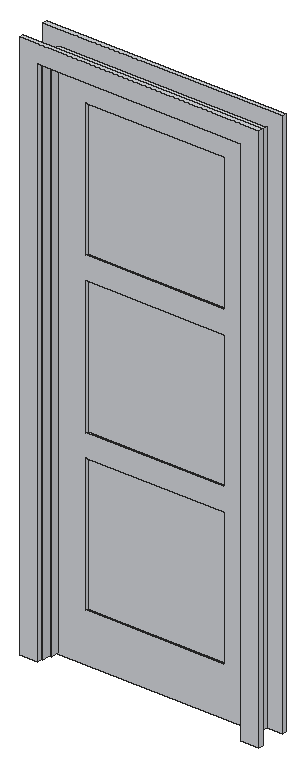
Revit family "FP_103_update-211019", category Doors, host Wall, Revit 2020
Family settings
  Host = Wall
  OmniClass Number = 23.30.10.00
  OmniClass Title = Doors
  Always vertical = Yes
  Cut with Voids When Loaded = No
  Shared = No
  Room Calculation Point = No
Parameters (values of type "3'-0" x 8'-0"")
  URL = "www.treelydoors.com"
  Thickness = Door Thickness  # 0' - 1 3/4"
  Stop Width = 0' - 1 3/8"  # constant formula
  Stile Material = none
  Rough Width = Width + (Jamb Thickness * 2)  # 3' - 1 1/2"
  Rough Height = Height + Jamb Thickness  # 8' - 0 3/4"
  Panel Material = none
  Manufacturer = "Treely Doors"
  Jamb Width (4 9/16", 4 13/16", 6 9/16", 6 13/16") = 0' - 4 9/16"  # constant formula
  Jamb Thickness = 0' - 0 3/4"  # constant formula
  Jamb Material = none
  Door Thickness = 0' - 1 3/4"  # constant formula
  Panel Thickness = 0' - 0 3/4"  # constant formula
  Function = Interior
  Height = 8' - 0"
  Wall Closure = By host
  Width = 3' - 0"
  Define Thermal Properties by = Schematic Type
  Center = Door Thickness / 2  # 0' - 0 7/8"
  Casing Thickness = 0' - 0 3/4"  # constant formula
  Casing Material = none
  Analytic Construction = "<None>"
Types (15): name | Stile Material | Rough Width | Rough Height | Panel Material | Jamb Material | Height | Width | Casing Material
  2'-0" x 8'-0" | none | 2' - 1 1/2" | 8' - 0 3/4" | none | none | 8' - 0" | 2' - 0" | none
  2'-4" x 8'-0" | none | 2' - 5 1/2" | 8' - 0 3/4" | none | none | 8' - 0" | 2' - 4" | none
  2'-6" x 8'-0" | none | 2' - 7 1/2" | 8' - 0 3/4" | none | none | 8' - 0" | 2' - 6" | none
  2'-8" x 8'-0" | none | 2' - 9 1/2" | 8' - 0 3/4" | none | none | 8' - 0" | 2' - 8" | none
  3'-0" x 6'-8" | none | 3' - 1 1/2" | 6' - 8 3/4" | none | none | 6' - 8" | 3' - 0" | none
  3'-0" x 7'-0" | none | 3' - 1 1/2" | 7' - 0 3/4" | none | none | 7' - 0" | 3' - 0" | none
  3'-0" x 8'-0" | none | 3' - 1 1/2" | 8' - 0 3/4" | none | none | 8' - 0" | 3' - 0" | none
  2'-8" x 7'-0" | none | 2' - 9 1/2" | 7' - 0 3/4" | none | none | 7' - 0" | 2' - 8" | none
  2'-8" x 6'-8" | none | 2' - 9 1/2" | 6' - 8 3/4" | none | none | 6' - 8" | 2' - 8" | none
  2'-6" x 7'-0" | none | 2' - 7 1/2" | 7' - 0 3/4" | none | none | 7' - 0" | 2' - 6" | none
  2'-6" x 6'-8" | none | 2' - 7 1/2" | 6' - 8 3/4" | none | none | 6' - 8" | 2' - 6" | none
  2'-4" x 7'-0" | none | 2' - 5 1/2" | 7' - 0 3/4" | none | none | 7' - 0" | 2' - 4" | none
  2'-4" x 6'-8" | TreelyDoors_Wood_Maple | 2' - 5 1/2" | 6' - 8 3/4" | Glass | TreelyDoors_Wood_Maple | 6' - 8" | 2' - 4" | TreelyDoors_Wood_Maple
  2'-0" x 7'-0" | none | 2' - 1 1/2" | 7' - 0 3/4" | none | none | 7' - 0" | 2' - 0" | none
  2'-0" x 6'-8" | none | 2' - 1 1/2" | 6' - 8 3/4" | none | none | 6' - 8" | 2' - 0" | none
Reference planes (in)
  plane 1 "Center (Front/Back)": y = 0
  plane 2 "Center (Left/Right)": x = 0
  plane 3 "Left": x = -18.75
  plane 4 "Right": x = 18.75
  plane 5 "Top": z = 96.75
  plane 6 "Exterior": y = 2.25
  plane 7 "Interior": y = -2.25
  plane 8: x = -12.5
  plane 9: x = 12.5
  plane 10: z = 8.75
  plane 11: z = 90.5
  plane 12: y = 1.78125
  plane 13: y = 1.03125
  plane 14: x = -18
  plane 15: x = 18
  plane 16: z = 96
  plane 17: y = 38.28125
  plane 18: x = -16.25
  plane 19: x = -17.125
  plane 20: y = 2.28125
  plane 21: y = -2.28125
  plane 22: y = 1.40625
  plane 23: y = 0.53125
  plane 24: y = 0.6875
  plane 25: y = -0.6875
  plane 26: z = 35.33333
  plane 27: z = 61.91667
  plane 28: z = 63.91667
  plane 29: z = 65.91667
  plane 30: z = 6.75
  plane 31: z = 92.5
  plane 32: z = 37.33333
  plane 33: z = 33.33333
  plane 34: y = -3
  plane 35: y = 3
  plane 36: x = -18.25
  plane 37: x = 18.25
  plane 38: z = 96.25
Forms (in)
  Extrusion 1, solid, material <- "Panel Material"
    sketch origin (0, 0, 0) x (1, 0, 0) y (0, 0, 1)
      loop
        line (12.5, 65.91667) -> (12.5, 90.5) -> (-12.5, 90.5) -> (-12.5, 65.91667) -> (12.5, 65.91667)
    from -1.78125 to -1.03125
  Extrusion 2, solid, material <- "Panel Material"
    sketch origin (0, 0, 0) x (1, 0, 0) y (0, 0, 1)
      loop
        line (12.5, 33.58333) -> (-12.5, 33.58333) -> (-12.5, 8.75) -> (12.5, 8.75) -> (12.5, 33.58333)
    from -1.78125 to -1.03125
  Extrusion 3, solid, material <- "Stile Material"
    sketch origin (0, 0, 0) x (1, 0, 0) y (0, 0, 1)
      loop
        line (18, 96) -> (-18, 96) -> (-18, 0) -> (18, 0) -> (18, 96)
      loop
        line (12.5, 37.33333) -> (12.5, 61.91667) -> (-12.5, 61.91667) -> (-12.5, 37.33333) -> (12.5, 37.33333)
      loop
        line (12.5, 33.33333) -> (-12.5, 33.33333) -> (-12.5, 8.75) -> (12.5, 8.75) -> (12.5, 33.33333)
      loop
        line (-12.5, 90.5) -> (-12.5, 65.91667) -> (12.5, 65.91667) -> (12.5, 90.5) -> (-12.5, 90.5)
    from -2.28125 to -0.53125
  Extrusion 4, solid, material <- "Jamb Material"
    sketch origin (0, 0, 0) x (1, 0, 0) y (0, 0, 1)
      loop
        line (18.75, 0) -> (18.75, 96.75) -> (-18.75, 96.75) -> (-18.75, 0) -> (-18, 0) -> (-18, 96) -> (18, 96) -> (18, 0) -> (18.75, 0)
    from -2.28125 to 2.28125
  Extrusion 5, solid, material <- "Jamb Material"
    sketch origin (0, 0, 0) x (1, 0, 0) y (0, 0, 1)
      loop
        line (-18, 0) -> (-17.5625, 0) -> (-17.5625, 95.5625) -> (17.5625, 95.5625) -> (17.5625, 0) -> (18, 0) -> (18, 96) -> (-18, 96) -> (-18, 0)
    from -0.6875 to 0.6875
  Extrusion 6, solid, material <- "Panel Material"
    sketch origin (0, 0, 0) x (1, 0, 0) y (0, 0, 1)
      loop
        line (-12.5, 61.91667) -> (-12.5, 37.33333) -> (12.5, 37.33333) -> (12.5, 61.91667) -> (-12.5, 61.91667)
    from -1.78125 to -1.03125
  Extrusion 7, solid, material <- "Casing Material"
    sketch origin (0, 0, 0) x (1, 0, 0) y (0, 0, 1)
      loop
        line (-18.25, 0) -> (-18.25, 96.25) -> (18.25, 96.25) -> (18.25, 0) -> (21.5, 0) -> (21.5, 99.5) -> (-21.5, 99.5) -> (-21.5, 0) -> (-18.25, 0)
    from 2.25 to 3
  Extrusion 8, solid, material <- "Casing Material"
    sketch origin (0, 0, 0) x (1, 0, 0) y (0, 0, -1)
      loop
        line (-18.25, 0) -> (-21.5, 0) -> (-21.5, -99.5) -> (21.5, -99.5) -> (21.5, 0) -> (18.25, 0) -> (18.25, -96.25) -> (-18.25, -96.25) -> (-18.25, 0)
    from 2.25 to 3
Lines and regions (in)
  Opening 1
    outline origin (-60, -2.25, 0) x (1, 0, 0) y (0, 0, 1)
      loop
        line (78.75, 0) -> (78.75, 96.75) -> (41.25, 96.75) -> (41.25, 0) -> (78.75, 0)
  symbolic lines, style "Elevation Swing"
    curve 1: line (18, 2.25, 0) -> (-18.75, 2.25, 48)
    curve 2: line (-18.75, 2.25, 48) -> (18, 2.25, 96)
  symbolic lines
    curve 3: line (-18, 2.28125, 0) -> (-18, 38.28125, 0)
    curve 5: line (-16.25, 38.28125, 0) -> (-18, 38.28125, 0)
    curve 7: line (-16.25, 2.28125, 0) -> (-18, 2.28125, 0)
  symbolic lines, style "Plan Swing"
    curve 4: line (-16.25, 2.28125, 0) -> (-16.25, 38.28125, 0)
    curve 6: arc (-17.125, 38.28125, 0) -> (8.37998, 26.83144, 0) -> (18, 0.58154, 0) r 36
Text (in)
  text "Exterior" at (-74.96733, -24.22648, 0), in view "Ref. Level"
  text "Interior" at (-74.96733, 29.51736, 0), in view "Ref. Level"
  text "Exterior" at (0, 40.15149, 123.01588), in view "Right"
  text "Interior" at (0, -64.39139, 123.01588), in view "Right"
  text "Interior" at (0, -31.01599, 123.00693), in view "Left"
  text "Exterior" at (0, 54.57065, 123.00693), in view "Left"
Dimensions and locks (in)
  equal spacing: plane 14, plane 2 "Center (Left/Right)", plane 15
  plane 3 "Left" to plane 4 "Right" = 3' - 1 1/2"  (x2)
  equal spacing: host wall, curve 2, curve 2
  plane 11 to plane 16 = 0' - 5 1/2"
  "Panel Thickness": plane 13 to plane 12
  "Jamb Thickness": plane 3 "Left" to plane 14
  "Jamb Thickness": plane 15 to plane 4 "Right"
  locked: plane 9 to plane 15 at 5.5
  locked: plane 14 to plane 8 at 5.5
  "Width": plane 14 to plane 15
  "Jamb Thickness": plane 16 to plane 5 "Top"
  "Height": level to plane 16
  "Door Thickness": plane 14 to plane 18
  equal spacing: plane 14, plane 19, plane 18
  equal spacing: plane 20, plane 1 "Center (Front/Back)", plane 21
  "Jamb Width (4 9/16", 4 13/16", 6 9/16", 6 13/16")": plane 20 to plane 21
  equal spacing: plane 13, plane 22, plane 12
  "Center": plane 22 to plane 20
  "Door Thickness": plane 20 to plane 23
  "Width": plane 17 to plane 20
  locked: Extrusion 5 sketch curve to Extrusion 4 at 0.4375  (x2)
  locked: plane 16 to Extrusion 5 sketch curve at 0.4375
  equal spacing: plane 24, plane 1 "Center (Front/Back)", plane 25
  "Stop Width": plane 24 to plane 25
  equal spacing: plane 31, plane 28, plane 26, plane 30
  locked: plane 10 to plane 30 at 2
  locked: plane 31 to plane 11 at 2
  plane 32 to plane 26 to plane 33 = 0' - 2" locked, 0' - 2" locked
  plane 29 to plane 28 to plane 27 = 0' - 2" locked, 0' - 2" locked
  "Casing Thickness": plane 7 "Interior" to plane 34
  "Casing Thickness": plane 35 to plane 6 "Exterior"
  locked: Extrusion 7 sketch curve to plane 37 at 3.25
  locked: Extrusion 7 sketch curve to plane 36 at 3.25
  locked: Extrusion 7 sketch curve to plane 38 at 3.25
  plane 16 to plane 11 = 0' - 5 1/2"
  locked: plane 14 to plane 36 at 0.25
  locked: plane 15 to plane 37 at 0.25
  locked: plane 38 to plane 16 at 0.25
  "Width": radius of curve 6
  aligned and locked: plane 3 "Left" to curve 1
  aligned and locked: plane 6 "Exterior" to host wall
  aligned and locked: plane 7 "Interior" to host wall
  aligned and locked: plane 9 to Extrusion 1
  aligned and locked: Extrusion 1 to plane 8
  aligned and locked: plane 11 to Extrusion 1
  aligned and locked: plane 9 to Extrusion 2
  aligned and locked: Extrusion 2 to plane 10
  aligned and locked: Extrusion 2 to plane 8
  aligned and locked: plane 13 to Extrusion 1
  aligned and locked: plane 13 to Extrusion 2
  aligned and locked: plane 12 to Extrusion 1
  aligned and locked: plane 12 to Extrusion 2
  aligned and locked: Extrusion 3 to plane 9  (x2)
  aligned and locked: plane 8 to Extrusion 3  (x2)
  aligned and locked: plane 10 to Extrusion 3
  aligned and locked: Extrusion 3 to level
  aligned and locked: Extrusion 3 to plane 14
  aligned and locked: Extrusion 3 to plane 15
  aligned and locked: plane 16 to Extrusion 3
  aligned and locked: plane 17 to curve 3
  aligned and locked: plane 14 to curve 3
  aligned and locked: curve 4 to plane 18
  aligned and locked: curve 5 to plane 17
  aligned and locked: plane 19 to curve 6
  aligned and locked: plane 20 to Extrusion 4
  aligned and locked: Extrusion 4 to plane 21
  aligned and locked: plane 20 to Extrusion 3
  aligned and locked: Extrusion 3 to plane 23
  aligned and locked: plane 20 to curve 7
  aligned and locked: level to Opening 1 sketch curve
  aligned and locked: plane 4 "Right" to Opening 1 sketch curve
  aligned and locked: plane 5 "Top" to Opening 1 sketch curve
  aligned and locked: Opening 1 sketch curve to plane 3 "Left"
  aligned and locked: Extrusion 5 sketch curve to plane 14
  aligned and locked: Extrusion 5 sketch curve to level
  aligned and locked: Extrusion 5 sketch curve to plane 15
  aligned and locked: plane 16 to Extrusion 5 sketch curve
  aligned and locked: Extrusion 5 to plane 24
  aligned and locked: Extrusion 5 to plane 25
  aligned and locked: Extrusion 3 sketch curve to plane 10
  aligned and locked: Extrusion 3 sketch curve to plane 8  (x2)
  aligned and locked: plane 9 to Extrusion 3 sketch curve  (x2)
  aligned and locked: Extrusion 3 sketch curve to plane 9
  aligned and locked: plane 8 to Extrusion 3 sketch curve
  aligned and locked: Extrusion 1 sketch curve to plane 11
  aligned and locked: plane 8 to Extrusion 1 sketch curve
  aligned and locked: Extrusion 1 sketch curve to plane 9
  aligned and locked: Extrusion 2 sketch curve to plane 10
  aligned and locked: plane 9 to Extrusion 2 sketch curve
  aligned and locked: Extrusion 2 sketch curve to plane 8
  aligned and locked: Extrusion 6 sketch curve to plane 27
  aligned and locked: plane 32 to Extrusion 6 sketch curve
  aligned and locked: Extrusion 6 sketch curve to plane 9
  aligned and locked: plane 8 to Extrusion 6 sketch curve
  aligned and locked: plane 12 to Extrusion 6
  aligned and locked: plane 13 to Extrusion 6
  aligned and locked: level to Extrusion 7 sketch curve
  aligned and locked: Extrusion 7 sketch curve to Extrusion 7 sketch curve
  aligned and locked: Extrusion 7 to plane 7 "Interior"
  aligned and locked: Extrusion 7 to plane 34
  aligned and locked: Extrusion 3 to plane 11
  aligned and locked: plane 29 to Extrusion 3
  aligned and locked: Extrusion 1 to plane 29
  aligned and locked: Extrusion 3 to plane 27  (x2)
  aligned and locked: plane 27 to Extrusion 6
  aligned and locked: Extrusion 3 sketch curve to plane 27
  aligned and locked: plane 29 to Extrusion 3 sketch curve
  aligned and locked: Extrusion 3 sketch curve to plane 11
  aligned and locked: Extrusion 3 sketch curve to plane 32
  aligned and locked: plane 33 to Extrusion 3 sketch curve
  aligned and locked: plane 38 to Extrusion 7 sketch curve
  aligned and locked: Extrusion 7 sketch curve to plane 36
  aligned and locked: Extrusion 7 sketch curve to plane 37
  aligned and locked: Extrusion 8 sketch curve to Extrusion 8 sketch curve
  aligned and locked: Extrusion 8 to Extrusion 7  (x2)
  aligned and locked: Extrusion 7 to Extrusion 8  (x2)
  aligned and locked: plane 35 to Extrusion 8
  aligned and locked: plane 6 "Exterior" to Extrusion 8
Automatic sketch dimensions
  plane 15 to curve 2 = 0' - 0"
  curve 2 to plane 16 = 0' - 0"
  curve 1 to level = 0' - 0"
  plane 15 to curve 1 = 0' - 0"
  Extrusion 1 sketch curve to plane 29 = 0' - 0"
  plane 33 to Extrusion 2 sketch curve = 0' - 0 1/4"
  Extrusion 3 sketch curve to plane 14 = 0' - 0"
  Extrusion 3 sketch curve to level = 0' - 0"
  plane 15 to Extrusion 3 sketch curve = 0' - 0"
  Extrusion 3 sketch curve to plane 16 = 0' - 0"
  Extrusion 4 sketch curve to level = 0' - 0"  (x2)
  plane 3 "Left" to Extrusion 4 sketch curve = 0' - 0"
  Extrusion 4 sketch curve to plane 14 = 0' - 0"
  plane 15 to Extrusion 4 sketch curve = 0' - 0"
  plane 4 "Right" to Extrusion 4 sketch curve = 0' - 0"
  Extrusion 4 sketch curve to plane 16 = 0' - 0"
  Extrusion 4 sketch curve to plane 5 "Top" = 0' - 0"
  curve 6 to plane 15 = 0' - 0"
  curve 3 to curve 6 = 0' - 0.04061"
  Extrusion 5 sketch curve to level = 0' - 0"
  Extrusion 8 sketch curve to level = 0' - 0"
  Extrusion 8 sketch curve to plane 36 = 0' - 0"
  plane 37 to Extrusion 8 sketch curve = 0' - 0"
  Extrusion 8 sketch curve to plane 38 = 0' - 0"
  plane 3 "Left" to Extrusion 8 sketch curve = 0' - 2 3/4"
  Extrusion 8 sketch curve to plane 4 "Right" = 0' - 2 3/4"
  Extrusion 8 sketch curve to plane 5 "Top" = 0' - 2 3/4"
